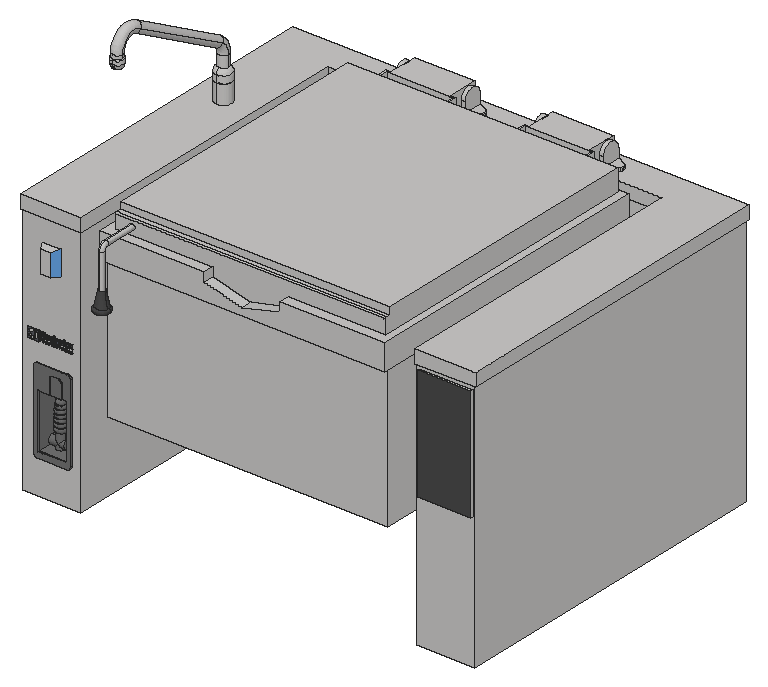
Revit family "QF_ELECTROLUXPROFESSIONAL_586930_PFET09ECES", category Specialty Equipment, Revit 2018
Family settings
  Round Connector Dimension = Use Radius
  Part Type = Normal
  Work Plane-Based = No
  Always vertical = Yes
  Cut with Voids When Loaded = No
  Shared = Yes
  Room Calculation Point = No
Parameters (values of type "Standard")
  Weight = 240.00 kg
  Watts = 0 W
  Volts = 400 V
  URL Manufacturer = "http://professional.electrolux.com"
  URL = "http://professional.electrolux.com"
  Steam Supply Size = 0"
  Steam Supply Minimum Pressure = 0.00 psi
  Steam Supply Maximum Pressure = 0.00 psi
  Steam Pounds per Hour = 0
  Show Logo [instance] = yes
  Refrigeration Suction Line Size = 0"
  Refrigeration Liquid Line Size = 0"
  Refrigerant Compressor Remote = yes
  Plinth Base Finish [instance] = QF_Finishes_Concrete
  Plinth Base [instance] = not(Base Height = 500.00 mm)  # yes
  Phase = 3
  Model = "PFET09ECES"
  Manufacturer = "Electrolux Professional"
  Length Actual = 1200.00 mm  # constant formula
  Item Number = "586930"
  Hot Water Size = 1/2"
  Height Actual = 700.00 mm  # constant formula
  HP = "20.8 HP"
  Gas Size = 0"
  Gas KW = 0
  Gas Input Pressure = 0.0 Btu/h
  Direct Waste Size = 0"
  Description = "EL. TILTING BRAISING PAN,AUTO H/C WATER FILL INLET,SPRAY GUN, 90L,H700,COMPOUND,FS,D900,REAR CLS KIT,GUID.COOK.S"
  Depth Actual = 900.00 mm  # constant formula
  Cycle = 50 Hz
  Condensate Return Size = 0"
  Compressed Air Volume = 0 GPM
  Compressed Air Size = 0"
  Compressed Air Pressure = 0.00 psi
  Cold Water Size = 1/2"
  Bracket [instance] = Base Height = 500.00 mm  # no
  Body Finish [instance] = QF_Finishes_Stainless Steel
  Base Height = 200.00 mm
  Show Clearance [instance] = yes
  Assembly Code = ""
  Accessory = yes
Reference planes
  plane 1 "BACK": y = 0
  plane 2: z = 0
  plane 3 "LEFT": x = 0
  plane 4 "RIGHT": x = 1200
  plane 5 "FRONT": y = -900
  plane 6 "TOP": z = 900
  plane 7: z = 200
  plane 8 "Center": x = 600
  plane 9: y = -450
  plane 10: y = -920
  plane 11: z = 913.881
  plane 12: z = 1845
  plane 13: y = -971
Forms (mm)
  Extrusion 1, solid, material "QF_Finishes_Stainless Steel" <- "Body Finish"
    sketch origin (0, 0, 900) x (-1, 0, 0) y (0, -1, 0)
      loop
        line (0, 0) -> (0, 900) -> (-160, 900) -> (-160, 86) -> (-1040, 86) -> (-1040, 900) -> (-1200, 900) -> (-1200, 0) -> (0, 0)
    from 0 to -35
  Extrusion 2, solid, material "QF_Finishes_Stainless Steel" <- "Body Finish"
    sketch origin (0, 0, 0) x (1, 0, 0) y (0, 0, 1)
      loop
        line (157, 865) -> (157, 500) -> (1043, 500) -> (1043, 865) -> (157, 865)
    from 3 to 83
  Extrusion 3, solid, material "QF_Finishes_Stainless Steel" <- "Body Finish"
    sketch origin (0, 0, 0) x (1, 0, 0) y (0, 0, 1)
      loop
        line (230, 454.5) -> (970, 454.5) -> (970, 833) -> (230, 833) -> (230, 454.5)
    from 120.7 to 900
  Extrusion 4, solid, material "QF_Finishes_Stainless Steel" <- "Body Finish"
    sketch origin (-975.299, -4572, 900) x (-1, 0, 0) y (0, -1, 0)
      loop
        line (-1300.839, -4446.3) -> (-1304.839, -4446.3) -> (-1304.839, -4467) -> (-1480.839, -4467) -> (-1480.839, -4446.3) -> (-1484.839, -4446.3) -> (-1484.839, -4471) -> (-1472.239, -4471) -> (-1472.239, -4549.945) -> (-1313.239, -4549.945) -> (-1313.239, -4471) -> (-1300.839, -4471) -> (-1300.839, -4446.3)
      loop
        line (-1849.759, -4446.3) -> (-1849.759, -4471) -> (-1837.359, -4471) -> (-1837.359, -4549.945) -> (-1678.359, -4549.945) -> (-1678.359, -4471) -> (-1665.759, -4471) -> (-1665.759, -4446.3) -> (-1669.759, -4446.3) -> (-1669.759, -4467) -> (-1845.759, -4467) -> (-1845.759, -4446.3) -> (-1849.759, -4446.3)
    from 11 to 56
  Sweep 5, solid, material "QF_Finishes_Stainless Steel" <- "Body Finish"
    path origin (287.976, 0, 0) x (0, 1, 0) y (0, 0, 1)
      loop
        line (-890.7, 920) -> (-978.7, 920)
        arc (-978.7, 920) -> (-987.27, 916.45) -> (-990.819, 907.881) r 12.119
        line (-990.819, 907.881) -> (-990.819, 813.956)
    profile origin (287.976, -934.7, 920) x (0, 0, -1) y (1, 0, 0)
      loop
        circle (0, 0) r 6.119
  Revolve 6, solid, material "QF_Finishes_Black"
    sketch origin (0, -990.819, 0) x (1, 0, 0) y (0, 0, 1)
      loop
        line (287.976, 764.909) -> (304.041, 764.909)
        arc (304.041, 764.909) -> (309.041, 769.909) -> (304.041, 774.909) r 5
        line (304.041, 774.909) -> (296.452, 813.956) -> (287.976, 813.956) -> (287.976, 764.909)
      axis (287.976, 813.956) -> (287.976, 764.909)
    angle from 0 to 360
  Extrusion 7, void
    sketch origin (0, -820, 0) x (1, 0, 0) y (0, 0, 1)
      loop
        line (500.793, 900) -> (500.793, 876.744) -> (600.793, 851.202) -> (700.793, 876.744) -> (700.793, 900) -> (500.793, 900)
    from 70.7 to 100
  Extrusion 8, solid, material "QF_Finishes_Stainless Steel" <- "Body Finish"
    sketch origin (337.94, -101, 900) x (0, 1, 0) y (0, 0, -1)
      loop
        line (31, 0) -> (31, -32)
        arc (31, -32) -> (54.973, -55.973) -> (78.945, -32) r 23.973
        line (78.945, -32) -> (78.945, 0) -> (31, 0)
    from 0 to 12.9
  Extrusion 9, solid, material "QF_Finishes_Stainless Steel" <- "Body Finish"
    sketch origin (509.84, -101, 900) x (0, 1, 0) y (0, 0, -1)
      loop
        line (31, 0) -> (31, -32)
        arc (31, -32) -> (54.973, -55.973) -> (78.945, -32) r 23.973
        line (78.945, -32) -> (78.945, 0) -> (31, 0)
    from 0 to 12.9
  Extrusion 10, solid, material "QF_Finishes_Stainless Steel" <- "Body Finish"
    sketch origin (862.06, -101, 900) x (0, 1, 0) y (0, 0, 1)
      loop
        line (31, 0) -> (78.945, 0) -> (78.945, 32)
        arc (78.945, 32) -> (54.973, 55.973) -> (31, 32) r 23.973
        line (31, 32) -> (31, 0)
    from 0 to 12.9
  Extrusion 11, solid, material "QF_Finishes_Stainless Steel" <- "Body Finish"
    sketch origin (690.16, -101, 900) x (0, 1, 0) y (0, 0, 1)
      loop
        line (31, 0) -> (78.945, 0) -> (78.945, 32)
        arc (78.945, 32) -> (54.973, 55.973) -> (31, 32) r 23.973
        line (31, 32) -> (31, 0)
    from 0 to 12.9
  Extrusion 12, solid, material "QF_Finishes_Stainless Steel" <- "Body Finish"
    sketch origin (1043, -897, 0) x (1, 0, 0) y (0, 0, 1)
      loop
        line (7, 553.501) -> (147, 553.501) -> (147, 855) -> (7, 855) -> (7, 553.501)
    from 0 to 5
  Blend 13, solid, material "QF_Finishes_Stainless Steel" <- "Body Finish"
    base sketch origin (157, -897, 0) x (-1, 0, 0) y (0, 0, -1)
      loop
        line (100.5, -805.4) -> (100.5, -738.6) -> (53.5, -738.6) -> (53.5, -805.4) -> (100.5, -805.4)
    top sketch origin (157, -897, 0) x (-1, 0, 0) y (0, 0, -1)
      loop
        line (90.448, -802.617) -> (90.448, -741.383) -> (63.552, -741.383) -> (63.552, -802.617) -> (90.448, -802.617)
    from 0 to 20.065
  Extrusion 14, solid, material "QF_Finishes_Stainless Steel" <- "Body Finish"
    sketch origin (0, 0, 900) x (-1, 0, 0) y (0, -1, 0)
      loop
        line (-298.768, 36.346) -> (-295.234, 39.408) -> (-293.291, 43.662) -> (-293.291, 47.996) -> (-295.234, 52.592) -> (-298.768, 55.654) -> (-325.04, 70) -> (-325.04, 22) -> (-298.768, 36.346)
      loop
        line (-536.112, 36.346) -> (-509.84, 22) -> (-509.84, 70) -> (-536.112, 55.654) -> (-539.646, 52.592) -> (-541.589, 47.996) -> (-541.589, 43.662) -> (-539.646, 39.408) -> (-536.112, 36.346)
      loop
        line (-663.888, 36.346) -> (-660.354, 39.408) -> (-658.411, 43.662) -> (-658.411, 47.996) -> (-660.354, 52.592) -> (-663.888, 55.654) -> (-690.16, 70) -> (-690.16, 22) -> (-663.888, 36.346)
      loop
        line (-901.232, 36.346) -> (-874.96, 22) -> (-874.96, 70) -> (-901.232, 55.654) -> (-904.766, 52.592) -> (-906.709, 47.996) -> (-906.709, 43.662) -> (-904.766, 39.408) -> (-901.232, 36.346)
    from 0 to 8
  Extrusion 15, solid, material "QF_Finishes_Stainless Steel" <- "Body Finish"
    sketch origin (0, 0, 0) x (0, 1, 0) y (0, 0, 1)
      loop
        line (-875.7, 957.5) -> (-875.7, 939.75) -> (-887.664, 939.75)
        arc (-887.664, 939.75) -> (-889.835, 938.566) -> (-890.7, 936.25) r 3.536
        line (-890.7, 936.25) -> (-890.7, 900) -> (-125.7, 900) -> (-125.7, 957.5) -> (-875.7, 957.5)
    from 245.454 to 955.493
  Revolve 16, solid, material "QF_Finishes_Stainless Steel" <- "Body Finish"
    sketch origin (-975.299, -4572, 730) x (-1, 0, 0) y (0, -1, 0)
      loop
        line (-1205.299, -4000) -> (-1138.736, -4000) -> (-1138.736, -4030) -> (-1132.299, -4030) -> (-1132.299, -3943) -> (-1205.299, -3943) -> (-1205.299, -4000)
      loop
        line (-1945.299, -4000) -> (-1945.299, -3943) -> (-2018.299, -3943) -> (-2018.299, -4030) -> (-2011.861, -4030) -> (-2011.861, -4000) -> (-1945.299, -4000)
      axis (-1132.299, -3943) -> (-2018.299, -3943)
    angle from 0 to 360
  Extrusion 17, solid, material "QF_Finishes_Stainless Steel" <- "Body Finish", visible <- "Bracket"
    sketch origin (0, 0, -400) x (0, 1, 0) y (0, 0, 1)
      loop
        line (0, 900) -> (-200, 900) -> (-200, 850) -> (-136.36, 786.36) -> (0, 786.36) -> (0, 900)
    from 25.741 to 134.773
  Extrusion 18, solid, material "QF_Finishes_Stainless Steel" <- "Body Finish", visible <- "Bracket"
    sketch origin (1040, 0, -400) x (0, 1, 0) y (0, 0, 1)
      loop
        line (0, 900) -> (-200, 900) -> (-200, 850) -> (-136.36, 786.36) -> (0, 786.36) -> (0, 900)
    from 25.741 to 134.773
  Extrusion 19, solid, material "QF_Finishes_Stainless Steel" <- "Body Finish"
    sketch origin (-975.299, -4572, 900) x (-1, 0, 0) y (0, -1, 0)
      loop
        line (-1199.802, -4456.3) -> (-1199.802, -3652) -> (-1953.192, -3652) -> (-1953.192, -4456.3) -> (-1199.802, -4456.3)
    from -67 to 0
  Extrusion 20, solid, material "QF_Finishes_Clearance", visible <- "Show Clearance", detail levels coarse
    sketch origin (337.94, -101, 900) x (0, 1, 0) y (0, 0, -1)
      loop
        line (-159.261, -945) -> (78.945, -56) -> (-791.055, -56)
        arc (-791.055, -56) -> (-654.561, -627.998) -> (-159.261, -945) r 785.603
    from -617.553 to 92.486
  Extrusion 21, solid, material "QF_Finishes_Clearance", visible <- "Show Clearance", detail levels coarse
    sketch origin (600, 0, 0) x (0, 1, 0) y (0, 0, 1)
      loop
        line (-900, 450.365) -> (-900, 833) -> (-920, 833) -> (-920, 900)
        arc (-920, 900) -> (-971.101, 672.465) -> (-900, 450.365) r 444.593
    from -375.497 to 377.893
  Extrusion 22, solid, material "QF_Finishes_Stainless Steel"
    sketch origin (0, 0, 386.36) x (0, 0, 1) y (1, 0, 0)
      loop
        circle (8.64, 106.204) r 6.35
      loop
        circle (8.64, 46.204) r 6.35
    from 0 to 5
  Extrusion 23, solid, material "QF_Finishes_Stainless Steel"
    sketch origin (1040, 0, 386.36) x (0, 0, 1) y (1, 0, 0)
      loop
        circle (8.64, 81.204) r 6.35
    from 0 to 5
  Extrusion 24, solid, material "QF_Finishes_Stainless Steel" <- "Body Finish"
    sketch origin (0, -100, 0) x (1, 0, 0) y (0, 1, 0)
      loop
        line (157, 97) -> (3, 97) -> (3, -797) -> (157, -797) -> (157, 97)
      loop
        line (1197, 97) -> (1043, 97) -> (1043, -797) -> (1197, -797) -> (1197, 97)
    from 200 to 865
  Extrusion 25, solid, material "Navy Blue", visible <- "Show Logo"
    sketch origin (160, -897, 0) x (-1, 0, 0) y (0, 0, -1)
      loop
        line (101.332, -593.18) -> (109.793, -593.18) -> (109.793, -583.327)
        arc (109.793, -583.327) -> (108.679, -580.639) -> (105.991, -579.525) r 3.802
        line (105.991, -579.525) -> (101.168, -579.525) -> (101.168, -581.736) -> (105.441, -581.736)
        arc (105.441, -581.736) -> (106.845, -582.21) -> (107.442, -583.566) r 1.838
        line (107.442, -583.566) -> (107.442, -585.52) -> (101.698, -585.52) -> (101.698, -587.738) -> (107.442, -587.738) -> (107.442, -590.968) -> (101.332, -590.968) -> (101.332, -593.18)
      loop
        line (99.498, -593.18) -> (99.498, -579.525) -> (97.146, -579.525) -> (97.146, -593.18) -> (99.498, -593.18)
      loop
        line (48.417, -593.18) -> (48.417, -579.525) -> (46.064, -579.525) -> (46.064, -593.18) -> (48.417, -593.18)
      loop
        line (93.257, -583.886) -> (85.539, -583.886)
        arc (85.539, -583.886) -> (86.746, -588.126) -> (90.874, -589.672) r 4.89
        arc (90.874, -589.672) -> (94.51, -587.828) -> (95.548, -583.886) r 4.976
        arc (95.548, -583.886) -> (94.182, -580.589) -> (90.886, -579.224) r 4.662
        arc (90.886, -579.224) -> (88.32, -579.602) -> (86.169, -581.05) r 5.86
        line (86.169, -581.05) -> (87.562, -582.444)
        arc (87.562, -582.444) -> (89.391, -581.347) -> (91.516, -581.531) r 3.458
        arc (91.516, -581.531) -> (92.812, -582.394) -> (93.257, -583.886) r 2.29
      loop
        line (93.198, -585.539) -> (87.902, -585.539)
        arc (87.902, -585.539) -> (88.645, -587.103) -> (90.278, -587.679) r 2.256
        arc (90.278, -587.679) -> (92.162, -587.188) -> (93.198, -585.539) r 2.64
      loop
        line (76.371, -586.524) -> (74.894, -588)
        arc (74.894, -588) -> (76.746, -589.341) -> (78.997, -589.742) r 5.117
        arc (78.997, -589.742) -> (82.429, -588.487) -> (84.231, -585.308) r 5.293
        arc (84.231, -585.308) -> (81.194, -579.733) -> (74.977, -581.018) r 5.33
        line (74.977, -581.018) -> (76.446, -582.487)
        arc (76.446, -582.487) -> (79.616, -581.438) -> (81.887, -583.886) r 3.088
        arc (81.887, -583.886) -> (81.729, -585.821) -> (80.396, -587.234) r 2.933
        arc (80.396, -587.234) -> (78.264, -587.559) -> (76.371, -586.524) r 3.369
      loop
        line (73.45, -593.18) -> (73.45, -583.849)
        arc (73.45, -583.849) -> (73.246, -582.449) -> (72.722, -581.135) r 6.031
        arc (72.722, -581.135) -> (71.044, -579.8) -> (68.918, -579.519) r 4.018
        line (68.918, -579.519) -> (68.918, -581.723)
        arc (68.918, -581.723) -> (69.55, -581.771) -> (70.139, -582.005) r 2.118
        arc (70.139, -582.005) -> (70.895, -582.804) -> (71.098, -583.886) r 1.949
        line (71.098, -583.886) -> (71.098, -587.265) -> (68.962, -587.265) -> (68.962, -589.401) -> (71.098, -589.401) -> (71.098, -593.18) -> (73.45, -593.18)
      loop
        arc (64.65, -584.717) -> (64.482, -585.701) -> (63.997, -586.574) r 2.967
        arc (63.997, -586.574) -> (62.588, -587.297) -> (61.004, -587.265) r 3.231
        line (61.004, -587.265) -> (61.004, -589.525)
        arc (61.004, -589.525) -> (63.073, -589.33) -> (64.65, -587.977) r 3.432
        line (64.65, -587.977) -> (64.65, -589.401) -> (66.983, -589.401) -> (66.983, -579.525) -> (64.65, -579.525) -> (64.65, -584.717)
      loop
        circle (55.254, -584.461) r 5.233
      loop
        circle (55.254, -584.461) r 3.172
      loop
        arc (37.582, -583.638) -> (38.162, -582.041) -> (39.738, -581.405) r 2.088
        arc (39.738, -581.405) -> (41.313, -582.041) -> (41.894, -583.638) r 2.088
        line (41.894, -583.638) -> (41.894, -589.401) -> (44.266, -589.401) -> (44.266, -583.442)
        arc (44.266, -583.442) -> (42.916, -580.365) -> (39.738, -579.275) r 4.181
        arc (39.738, -579.275) -> (36.524, -580.398) -> (35.211, -583.539) r 4.181
        line (35.211, -583.539) -> (35.211, -589.401) -> (37.582, -589.401) -> (37.582, -583.638)
      loop
        line (33.789, -589.401) -> (30.374, -584.764) -> (34.126, -579.522) -> (31.598, -579.522) -> (29.107, -583.001) -> (26.58, -579.522) -> (24.068, -579.522) -> (27.767, -584.817) -> (24.385, -589.401) -> (26.952, -589.401) -> (29.115, -586.469) -> (31.245, -589.401) -> (33.789, -589.401)
      loop
        line (108.47, -573.865) -> (110.346, -573.865) -> (110.346, -569.143) -> (109.319, -569.143) -> (109.319, -570.769) -> (108.185, -570.769)
        arc (108.185, -570.769) -> (106.916, -572.447) -> (108.47, -573.865) r 1.561
      loop
        arc (108.23, -571.697) -> (107.841, -572.304) -> (108.23, -572.911) r 0.668
        line (108.23, -572.911) -> (109.319, -572.911) -> (109.319, -571.697) -> (108.23, -571.697)
      loop
        line (101.061, -573.865) -> (102.968, -573.865) -> (102.968, -569.143) -> (101.942, -569.143) -> (101.942, -570.769) -> (100.949, -570.769) -> (100.27, -569.143) -> (99.168, -569.143) -> (100.097, -571.134)
        arc (100.097, -571.134) -> (99.652, -571.665) -> (99.502, -572.343) r 1.458
        arc (99.502, -572.343) -> (99.971, -573.421) -> (101.061, -573.865) r 1.559
      loop
        line (101.942, -572.911) -> (101.942, -571.697) -> (100.852, -571.697)
        arc (100.852, -571.697) -> (100.464, -572.304) -> (100.852, -572.911) r 0.668
        line (100.852, -572.911) -> (101.942, -572.911)
      loop
        circle (93.139, -571.504) r 2.453
      loop
        circle (93.139, -571.504) r 1.557
      loop
        line (86.655, -573.865) -> (86.655, -569.143) -> (85.654, -569.143) -> (85.654, -570.793) -> (83.876, -570.793) -> (83.876, -571.851) -> (85.654, -571.851) -> (85.654, -572.847) -> (83.706, -572.847) -> (83.706, -573.865) -> (86.655, -573.865)
      loop
        line (79.724, -573.865) -> (79.724, -570.677)
        arc (79.724, -570.677) -> (79.288, -569.596) -> (78.213, -569.146) r 1.51
        line (78.213, -569.146) -> (76.689, -569.146) -> (76.689, -570.038) -> (78.122, -570.038)
        arc (78.122, -570.038) -> (78.65, -570.475) -> (78.753, -571.151) r 0.961
        line (78.753, -571.151) -> (76.866, -571.151) -> (76.866, -572.043) -> (78.753, -572.043) -> (78.753, -572.973) -> (76.735, -572.973) -> (76.735, -573.865) -> (79.724, -573.865)
      loop
        arc (62.624, -573.267) -> (63.249, -573.78) -> (64.041, -573.943) r 1.69
        arc (64.041, -573.943) -> (64.773, -573.764) -> (65.374, -573.31) r 1.872
        arc (65.374, -573.31) -> (65.486, -572.238) -> (64.794, -571.411) r 1.385
        arc (64.794, -571.411) -> (64.212, -571.217) -> (63.66, -570.95) r 4.78
        arc (63.66, -570.95) -> (63.312, -570.539) -> (63.552, -570.057) r 0.489
        arc (63.552, -570.057) -> (63.998, -569.952) -> (64.442, -570.065) r 0.963
        arc (64.442, -570.065) -> (64.826, -570.341) -> (65.061, -570.752) r 1.118
        line (65.061, -570.752) -> (65.887, -570.367)
        arc (65.887, -570.367) -> (65.589, -569.793) -> (65.11, -569.36) r 1.815
        arc (65.11, -569.36) -> (64.566, -569.127) -> (63.978, -569.068) r 1.957
        arc (63.978, -569.068) -> (63.25, -569.213) -> (62.595, -569.561) r 2.556
        arc (62.595, -569.561) -> (62.305, -570.331) -> (62.455, -571.139) r 1.535
        arc (62.455, -571.139) -> (62.778, -571.512) -> (63.19, -571.781) r 1.779
        arc (63.19, -571.781) -> (63.712, -572.014) -> (64.248, -572.215) r 9.371
        arc (64.248, -572.215) -> (64.557, -572.696) -> (64.11, -573.053) r 0.427
        arc (64.11, -573.053) -> (63.575, -572.924) -> (63.163, -572.558) r 1.135
        line (63.163, -572.558) -> (62.624, -573.267)
      loop
        line (58.291, -573.865) -> (58.291, -569.146) -> (57.321, -569.146) -> (57.321, -573.865) -> (58.291, -573.865)
      loop
        circle (50.779, -571.506) r 1.468
      loop
        circle (50.779, -571.506) r 2.451
      loop
        line (44.27, -569.146) -> (43.289, -569.146) -> (43.289, -572.113) -> (41.131, -569.146) -> (40.187, -569.146) -> (40.187, -573.865) -> (41.168, -573.865) -> (41.168, -570.808) -> (43.326, -573.865) -> (44.27, -573.865) -> (44.27, -569.146)
      loop
        line (35.295, -569.146) -> (34.836, -570.164) -> (33.09, -570.164) -> (32.631, -569.146) -> (31.588, -569.146) -> (33.581, -573.865) -> (34.491, -573.865) -> (36.337, -569.146) -> (35.295, -569.146)
      loop
        line (33.526, -571.132) -> (33.993, -572.169) -> (34.447, -571.132) -> (33.526, -571.132)
      loop
        line (26.769, -570.038) -> (26.769, -573.865) -> (27.739, -573.865) -> (27.739, -569.146) -> (24.954, -569.146) -> (24.954, -570.038) -> (26.769, -570.038)
      loop
        arc (69.698, -573.267) -> (70.324, -573.78) -> (71.116, -573.943) r 1.69
        arc (71.116, -573.943) -> (71.847, -573.764) -> (72.449, -573.31) r 1.872
        arc (72.449, -573.31) -> (72.56, -572.238) -> (71.868, -571.411) r 1.385
        arc (71.868, -571.411) -> (71.287, -571.217) -> (70.735, -570.95) r 4.78
        arc (70.735, -570.95) -> (70.386, -570.539) -> (70.627, -570.057) r 0.489
        arc (70.627, -570.057) -> (71.073, -569.952) -> (71.517, -570.065) r 0.963
        arc (71.517, -570.065) -> (71.901, -570.341) -> (72.136, -570.752) r 1.118
        line (72.136, -570.752) -> (72.961, -570.367)
        arc (72.961, -570.367) -> (72.664, -569.793) -> (72.184, -569.36) r 1.815
        arc (72.184, -569.36) -> (71.64, -569.127) -> (71.052, -569.068) r 1.957
        arc (71.052, -569.068) -> (70.325, -569.213) -> (69.669, -569.561) r 2.556
        arc (69.669, -569.561) -> (69.38, -570.331) -> (69.529, -571.139) r 1.535
        arc (69.529, -571.139) -> (69.852, -571.512) -> (70.265, -571.781) r 1.779
        arc (70.265, -571.781) -> (70.787, -572.014) -> (71.322, -572.215) r 9.371
        arc (71.322, -572.215) -> (71.632, -572.696) -> (71.185, -573.053) r 0.427
        arc (71.185, -573.053) -> (70.649, -572.924) -> (70.238, -572.558) r 1.135
        line (70.238, -572.558) -> (69.698, -573.267)
      loop
        line (124.467, -593.367) -> (124.467, -568.534)
        arc (124.467, -568.534) -> (115.287, -580.95) -> (124.467, -593.367) r 12.987
      loop
        arc (125.423, -593.446) -> (135.891, -591.227) -> (141.022, -581.837) r 12.809
        line (141.022, -581.837) -> (135.422, -581.837)
        arc (135.422, -581.837) -> (128.84, -585.012) -> (125.423, -591.472) r 11.707
        line (125.423, -591.472) -> (125.423, -593.446)
      loop
        arc (125.73, -570.332) -> (129.585, -577.251) -> (136.925, -580.23) r 11.93
        line (136.925, -580.23) -> (141.033, -580.23)
        arc (141.033, -580.23) -> (136.066, -570.804) -> (125.73, -568.215) r 13.06
        line (125.73, -568.215) -> (125.73, -570.332)
      loop
        line (141.976, -594.722) -> (141.976, -567.122) -> (114.339, -567.122) -> (114.339, -594.722) -> (141.976, -594.722)
    from 0 to 0.697
  Extrusion 26, void
    sketch origin (0, -900, 0) x (1, 0, 0) y (0, 0, 1)
      loop
        line (125.4, 500.944) -> (43.4, 500.944) -> (43.4, 305.944) -> (125.4, 305.944) -> (125.4, 500.944)
    from 0 to -63
Cuts and joins
  Extrusion 7 cuts Extrusion 19
  joined: Extrusion 3, Extrusion 15, Extrusion 19
  Extrusion 26 cuts Extrusion 24
Lines and regions (mm)
  Split face 1
    outline origin (1043, -902, 0) x (1, 0, 0) y (0, 0, 1)
      loop
        line (7.625, 638.501) -> (7.625, 554.126) -> (146.375, 554.126) -> (146.375, 638.501) -> (7.625, 638.501)
  Split face 2
    outline origin (1043, -902, 0) x (1, 0, 0) y (0, 0, 1)
      loop
        line (21.373, 638.501) -> (132.623, 638.501) -> (132.623, 843.501) -> (21.373, 843.501) -> (21.373, 638.501)
  symbolic lines
    curve 1: line (1200, 0, 900) -> (0, 0, 900)
    curve 2: line (1200, -900, 900) -> (1200, 0, 900)
    curve 3: line (1040, -900, 900) -> (1200, -900, 900)
    curve 4: line (1040, -86, 900) -> (1040, -900, 900)
    curve 5: line (0, 0, 900) -> (0, -900, 900)
    curve 6: line (160, -900, 900) -> (160, -86, 900)
    curve 7: line (0, -900, 900) -> (160, -900, 900)
    curve 8: line (160, -86, 900) -> (337.94, -86, 900)
    curve 9: line (496.94, -86, 900) -> (703.06, -86, 900)
    curve 10: line (862.06, -86, 900) -> (1040, -86, 900)
    curve 11: line (224.503, -115.7, 900) -> (325.54, -115.7, 900)
    curve 12: line (329.54, -115.7, 900) -> (505.54, -115.7, 900)
    curve 13: line (509.54, -115.7, 900) -> (690.46, -115.7, 900)
    curve 14: line (694.46, -115.7, 900) -> (870.46, -115.7, 900)
    curve 15: line (977.893, -115.7, 900) -> (874.46, -115.7, 900)
    curve 16: line (977.893, -115.7, 900) -> (977.893, -920, 900)
    curve 17: line (224.503, -115.7, 900) -> (224.503, -920, 900)
    curve 18: line (1040, -572, 900) -> (977.893, -572, 900)
    curve 19: line (1040, -686, 900) -> (977.893, -686, 900)
    curve 20: line (160, -572, 900) -> (224.503, -572, 900)
    curve 21: line (160, -686, 900) -> (224.503, -686, 900)
  symbolic lines, style "QF-Clearances", visible <- "Show Clearance", detail levels coarse
    curve 22: line (350, -550, 900) -> (850, -550, 900)
    curve 23: line (350, -1750, 900) -> (350, -550, 900)
    curve 24: line (850, -1750, 900) -> (350, -1750, 900)
    curve 25: line (850, -550, 900) -> (850, -1750, 900)
    curve 26: line (350, -1150, 900) -> (550, -1750, 900)
    curve 27: line (850, -1150, 900) -> (650, -1750, 900)
    curve 28: circle (600, -1700, 900) r 25 normal (0, 0, 1)
Dimensions and locks
  plane 3 "LEFT" to plane 4 "RIGHT" = 1200.00 mm
  plane 4 "RIGHT" to plane 3 "LEFT" = 1200.00 mm
  plane 1 "BACK" to plane 5 "FRONT" = 900.00 mm
  plane 5 "FRONT" to plane 1 "BACK" = 900.00 mm
  plane 6 "TOP" to level = 900.00 mm
  "Base Height": plane 7 to level
  equal spacing: plane 5 "FRONT", plane 9, plane 1 "BACK"
  equal spacing: plane 3 "LEFT", plane 8 "Center", plane 4 "RIGHT"
  plane 10 to plane 1 "BACK" = 920.00 mm
  plane 6 "TOP" to Extrusion 3 sketch curve to Extrusion 3 sketch curve = 67.00 mm locked, 378.50 mm locked
  plane 6 "TOP" to Extrusion 12 sketch curve to Extrusion 12 sketch curve = 45.00 mm locked, 301.499 mm locked
  plane 6 "TOP" to Extrusion 17 sketch curve to Extrusion 17 sketch curve to Extrusion 17 sketch curve = 400.00 mm locked, 50.00 mm locked, 63.64 mm locked
  plane 6 "TOP" to Extrusion 18 sketch curve to Extrusion 18 sketch curve to Extrusion 18 sketch curve = 400.00 mm locked, 50.00 mm locked, 63.64 mm locked
  locked: cut or joined group of Extrusion 3, Extrusion 7, Extrusion 15, Extrusion 19 to plane 4 "RIGHT" at 244.507
  Extrusion 14 sketch curve to Extrusion 14 sketch curve to Extrusion 8 to Extrusion 4 to Extrusion 14 sketch curve to Extrusion 14 sketch curve = 31.749 mm locked, 12.90 mm locked, 159.00 mm locked, 12.90 mm locked, 31.749 mm locked
  plane 4 "RIGHT" to Extrusion 10 to Extrusion 10 to Extrusion 11 to Extrusion 11 = 325.04 mm locked, 12.90 mm locked, 159.00 mm locked, 12.90 mm locked
  Extrusion 9 to Extrusion 9 to Extrusion 8 to Extrusion 8 to plane 3 "LEFT" = 12.90 mm locked, 159.00 mm locked, 12.90 mm locked, 325.04 mm locked
  Extrusion 14 sketch curve to Extrusion 14 sketch curve to Extrusion 14 sketch curve to Extrusion 14 sketch curve to plane 4 "RIGHT" = 31.749 mm locked, 184.80 mm locked, 31.749 mm locked, 293.291 mm locked
  Extrusion 4 sketch curve to Extrusion 4 sketch curve to Extrusion 4 sketch curve to Extrusion 4 sketch curve to Extrusion 4 sketch curve to Extrusion 4 sketch curve to plane 4 "RIGHT" = 4.00 mm locked, 8.60 mm locked, 159.00 mm locked, 8.40 mm locked, 4.00 mm locked, 325.54 mm locked
  Extrusion 18 to Extrusion 18 to plane 4 "RIGHT" = 109.032 mm locked, 25.227 mm locked
  Extrusion 7 sketch curve to plane 8 "Center" to Extrusion 7 sketch curve = 100.793 mm locked, 99.207 mm locked
  Extrusion 15 sketch curve to Extrusion 15 sketch curve to Extrusion 15 sketch curve to plane 5 "FRONT" = 11.964 mm locked, 3.036 mm locked, 9.30 mm locked
  locked: Extrusion 19 sketch curve to plane 5 "FRONT" at 20
  cut or joined group of Extrusion 3, Extrusion 7, Extrusion 15, Extrusion 19 to cut or joined group of Extrusion 3, Extrusion 7, Extrusion 15, Extrusion 19 to cut or joined group of Extrusion 3, Extrusion 7, Extrusion 15, Extrusion 19 = 0.00 mm locked, 29.30 mm locked
  Sweep 5 sketch curve to plane 5 "FRONT" to Sweep 5 sketch curve to Sweep 5 sketch curve = 9.30 mm locked, 78.70 mm locked, 12.119 mm locked
  locked: plane 5 "FRONT" to Revolve 6 at 90.819
  plane 6 "TOP" to Extrusion 2 sketch curve to Extrusion 2 sketch curve = 35.00 mm locked, 365.00 mm locked
  plane 12 to plane 6 "TOP" = 945.00 mm
  plane 1 "BACK" to plane 13 = 971.00 mm
  locked: Extrusion 21 to plane 4 "RIGHT" at 222.107
  Extrusion 21 sketch curve to Extrusion 21 sketch curve to Extrusion 21 sketch curve to cut or joined group of Extrusion 3, Extrusion 7, Extrusion 15, Extrusion 19 = 51.54 mm locked, 20.00 mm locked, 9.30 mm locked
  Extrusion 21 sketch curve to Extrusion 21 sketch curve to Extrusion 21 sketch curve = 67.00 mm locked, 382.635 mm locked
  aligned and locked: level to plane 2
  aligned: plane 6 "TOP" to Extrusion 1
  aligned and locked: plane 6 "TOP" to Extrusion 1
  aligned and locked: Revolve 16 to cut or joined group of Extrusion 3, Extrusion 7, Extrusion 15, Extrusion 19
  aligned and locked: cut or joined group of Extrusion 3, Extrusion 7, Extrusion 15, Extrusion 19 to Revolve 16
  aligned and locked: plane 5 "FRONT" to cut or joined group of Extrusion 3, Extrusion 7, Extrusion 15, Extrusion 19
  aligned: cut or joined group of Extrusion 3, Extrusion 7, Extrusion 15, Extrusion 19 to Sweep 5 sketch curve
  aligned: cut or joined group of Extrusion 3, Extrusion 7, Extrusion 15, Extrusion 19 to plane 10
  aligned: Sweep 5 to cut or joined group of Extrusion 3, Extrusion 7, Extrusion 15, Extrusion 19
  aligned and locked: Extrusion 19 to Extrusion 7
  aligned: Extrusion 2 to cut or joined group of Extrusion 3, Extrusion 7, Extrusion 15, Extrusion 19
  aligned and locked: Extrusion 20 to cut or joined group of Extrusion 3, Extrusion 7, Extrusion 15, Extrusion 19  (x2)
  aligned and locked: cut or joined group of Extrusion 3, Extrusion 7, Extrusion 15, Extrusion 19 to Extrusion 21
  aligned and locked: Extrusion 4 to curve 9
  aligned and locked: curve 8 to Extrusion 1
  aligned and locked: Extrusion 4 to curve 13
  aligned and locked: Extrusion 4 to curve 12  (x2)
  aligned and locked: Extrusion 4 to curve 11
  aligned and locked: curve 17 to cut or joined group of Extrusion 3, Extrusion 7, Extrusion 15, Extrusion 19
  aligned and locked: curve 6 to Extrusion 1
Automatic sketch dimensions
  plane 1 "BACK" to Extrusion 1 sketch curve = 0.00 mm
  Extrusion 1 sketch curve to plane 4 "RIGHT" = 0.00 mm
  plane 5 "FRONT" to Extrusion 1 sketch curve = 0.00 mm  (x2)
  Extrusion 1 sketch curve to plane 3 "LEFT" = 0.00 mm
  Extrusion 1 sketch curve to plane 4 "RIGHT" = 160.00 mm
  plane 3 "LEFT" to Extrusion 1 sketch curve = 160.00 mm
  plane 1 "BACK" to Extrusion 1 sketch curve = 86.00 mm
  plane 3 "LEFT" to Extrusion 2 sketch curve = 157.00 mm
  Extrusion 2 sketch curve to plane 4 "RIGHT" = 157.00 mm
  plane 3 "LEFT" to Extrusion 3 sketch curve = 230.00 mm
  Extrusion 3 sketch curve to plane 4 "RIGHT" = 230.00 mm
  Extrusion 4 sketch curve to plane 8 "Center" = 90.46 mm
  Extrusion 4 sketch curve to Extrusion 4 sketch curve = 4.00 mm  (x4)
  Extrusion 4 sketch curve to Extrusion 4 sketch curve = 8.60 mm
  plane 1 "BACK" to Extrusion 4 sketch curve = 22.055 mm  (x2)
  Extrusion 4 sketch curve to Extrusion 4 sketch curve = 159.00 mm
  Extrusion 4 sketch curve to Extrusion 4 sketch curve = 8.40 mm
  Extrusion 4 sketch curve to Extrusion 4 sketch curve = 78.945 mm  (x4)
  Extrusion 4 sketch curve to Extrusion 4 sketch curve = 20.70 mm  (x4)
  plane 6 "TOP" to Sweep 5 sketch curve = 7.881 mm
  Sweep 5 sketch curve to plane 6 "TOP" = 86.044 mm
  Sweep 5 sketch curve to profile plane = 0.00 mm  (x2)
  Revolve 6 sketch curve to plane 6 "TOP" = 135.091 mm
  plane 3 "LEFT" to Revolve 6 sketch curve = 287.976 mm
  Revolve 6 sketch curve to plane 6 "TOP" = 86.044 mm
  Revolve 6 sketch curve to Revolve 6 sketch curve = 8.475 mm
  Revolve 6 sketch curve to Revolve 6 sketch curve = 16.065 mm
  Revolve 6 sketch curve to Revolve 6 sketch curve = 5.00 mm
  Revolve 6 sketch curve to Revolve 6 sketch curve = 0.00 mm
  Revolve 6 sketch curve to Revolve 6 sketch curve = 19.523 mm
  Revolve 6 sketch curve to Revolve 6 sketch curve = 6.381 mm
  plane 8 "Center" to Extrusion 7 sketch curve = 0.793 mm
  Extrusion 7 sketch curve to plane 6 "TOP" = 48.798 mm
  Extrusion 7 sketch curve to plane 6 "TOP" = 23.256 mm  (x2)
  plane 6 "TOP" to Extrusion 7 sketch curve = 0.00 mm
  Extrusion 8 sketch curve to Extrusion 4 = 0.00 mm
  Extrusion 4 to Extrusion 8 sketch curve = 23.973 mm
  Extrusion 4 to Extrusion 8 sketch curve = 21.00 mm
  Extrusion 8 sketch curve to Extrusion 4 = 11.00 mm
  Extrusion 9 sketch curve to plane 6 "TOP" = 0.00 mm
  plane 1 "BACK" to Extrusion 9 sketch curve = 70.00 mm
  Extrusion 9 sketch curve to Extrusion 9 sketch curve = 23.973 mm
  plane 6 "TOP" to Extrusion 9 sketch curve = 32.00 mm
  Extrusion 10 sketch curve to plane 6 "TOP" = 0.00 mm
  plane 1 "BACK" to Extrusion 10 sketch curve = 70.00 mm
  Extrusion 10 sketch curve to Extrusion 10 sketch curve = 23.973 mm
  Extrusion 10 sketch curve to Extrusion 10 sketch curve = 32.00 mm
  Extrusion 11 sketch curve to plane 6 "TOP" = 0.00 mm
  plane 1 "BACK" to Extrusion 11 sketch curve = 70.00 mm
  Extrusion 11 sketch curve to Extrusion 11 sketch curve = 23.973 mm
  Extrusion 11 sketch curve to Extrusion 11 sketch curve = 32.00 mm
  Extrusion 12 sketch curve to plane 4 "RIGHT" = 150.00 mm
  Extrusion 12 sketch curve to plane 4 "RIGHT" = 10.00 mm
  plane 3 "LEFT" to Blend 13 sketch curve = 103.50 mm
  Blend 13 sketch curve to Blend 13 sketch curve = 47.00 mm
  Blend 13 sketch curve to plane 6 "TOP" = 94.60 mm
  Blend 13 sketch curve to Blend 13 sketch curve = 66.80 mm
  plane 3 "LEFT" to Blend 13 sketch curve = 93.448 mm
  Blend 13 sketch curve to Blend 13 sketch curve = 26.896 mm
  Blend 13 sketch curve to plane 6 "TOP" = 97.383 mm
  Blend 13 sketch curve to Blend 13 sketch curve = 61.233 mm
  plane 1 "BACK" to Extrusion 14 sketch curve = 52.592 mm  (x2)
  Extrusion 14 sketch curve to Extrusion 14 sketch curve = 1.943 mm  (x4)
  plane 1 "BACK" to Extrusion 14 sketch curve = 39.408 mm  (x2)
  plane 1 "BACK" to Extrusion 14 sketch curve = 36.346 mm  (x2)
  Extrusion 14 sketch curve to Extrusion 14 sketch curve = 3.534 mm  (x8)
  plane 1 "BACK" to Extrusion 14 sketch curve = 55.654 mm  (x2)
  Extrusion 14 sketch curve to Extrusion 14 sketch curve = 5.477 mm  (x4)
  plane 1 "BACK" to Extrusion 14 sketch curve = 22.00 mm  (x4)
  Extrusion 14 sketch curve to Extrusion 14 sketch curve = 14.346 mm  (x6)
  Extrusion 14 sketch curve to Extrusion 14 sketch curve = 3.062 mm  (x4)
  Extrusion 14 sketch curve to Extrusion 14 sketch curve = 4.254 mm  (x4)
  Extrusion 14 sketch curve to Extrusion 14 sketch curve = 4.334 mm  (x4)
  Extrusion 14 sketch curve to Extrusion 14 sketch curve = 4.596 mm  (x2)
  Extrusion 15 sketch curve to plane 6 "TOP" = 0.00 mm
  Extrusion 15 sketch curve to Extrusion 15 sketch curve = 3.536 mm
  plane 1 "BACK" to Extrusion 15 sketch curve = 125.70 mm
  Extrusion 15 sketch curve to Extrusion 15 sketch curve = 36.25 mm
  Extrusion 15 sketch curve to Extrusion 15 sketch curve = 57.50 mm
  Revolve 16 sketch curve to plane 4 "RIGHT" = 157.00 mm
  Revolve 16 sketch curve to Revolve 16 sketch curve = 6.437 mm  (x2)
  Revolve 16 sketch curve to Revolve 16 sketch curve = 66.563 mm  (x2)
  plane 3 "LEFT" to Revolve 16 sketch curve = 230.00 mm
  Revolve 16 sketch curve to plane 9 = 92.00 mm  (x2)
  Revolve 16 sketch curve to Revolve 16 sketch curve = 30.00 mm  (x2)
  Revolve 16 sketch curve to Revolve 16 sketch curve = 57.00 mm  (x2)
  Revolve 16 sketch curve to Revolve 16 sketch curve = 5.497 mm  (x2)
  Revolve 16 sketch curve to Revolve 16 sketch curve = 0.00 mm
  Split face 1 sketch curve to Extrusion 12 = 0.625 mm  (x3)
  Split face 1 sketch curve to Split face 1 sketch curve = 84.375 mm
  Split face 2 sketch curve to Extrusion 12 = 14.373 mm
  Split face 2 sketch curve to Extrusion 12 = 14.377 mm
  Split face 2 sketch curve to Extrusion 12 = 85.00 mm
  Split face 2 sketch curve to Extrusion 12 = 11.499 mm
  Extrusion 17 sketch curve to plane 1 "BACK" = 0.00 mm
  plane 1 "BACK" to Extrusion 17 sketch curve = 136.36 mm
  Extrusion 17 sketch curve to Extrusion 17 sketch curve = 63.64 mm
  Extrusion 18 sketch curve to plane 1 "BACK" = 0.00 mm
  plane 1 "BACK" to Extrusion 18 sketch curve = 136.36 mm
  Extrusion 18 sketch curve to Extrusion 18 sketch curve = 63.64 mm
  Extrusion 19 sketch curve to plane 4 "RIGHT" = 222.107 mm
  plane 3 "LEFT" to Extrusion 19 sketch curve = 224.503 mm
  plane 1 "BACK" to Extrusion 19 sketch curve = 115.70 mm
  Extrusion 4 to Extrusion 20 sketch curve = 0.00 mm
  Extrusion 20 sketch curve to Extrusion 4 = 0.00 mm
  Extrusion 4 to Extrusion 20 sketch curve = 14.199 mm
  Extrusion 4 to Extrusion 20 sketch curve = 159.261 mm
  Extrusion 20 sketch curve to Extrusion 20 sketch curve = 776.856 mm
  Extrusion 20 sketch curve to Extrusion 4 = 116.906 mm
  Extrusion 21 sketch curve to plane 6 "TOP" = 0.00 mm
  curve 3 to plane 4 "RIGHT" = 0.00 mm
  plane 5 "FRONT" to curve 3 = 0.00 mm
  curve 16 to plane 10 = 0.00 mm
  curve 5 to plane 3 "LEFT" = 0.00 mm
  plane 1 "BACK" to curve 1 = 0.00 mm
  plane 5 "FRONT" to curve 7 = 0.00 mm
  curve 17 to plane 10 = 0.00 mm
  curve 3 to plane 4 "RIGHT" = 160.00 mm
  curve 4 to curve 16 = 62.107 mm
  plane 1 "BACK" to curve 4 = 86.00 mm
  curve 4 to curve 15 = 29.70 mm
  curve 6 to curve 17 = 29.70 mm
  curve 15 to curve 15 = 103.433 mm
  curve 15 to curve 14 = 4.00 mm
  curve 14 to curve 10 = 8.40 mm
  plane 8 "Center" to curve 9 = 103.06 mm
  curve 9 to curve 14 = 8.60 mm
  curve 14 to curve 13 = 4.00 mm
  curve 8 to curve 12 = 8.40 mm
  plane 1 "BACK" to curve 9 = 86.00 mm
  curve 9 to curve 13 = 29.70 mm
  curve 14 to curve 15 = 0.00 mm
  curve 11 to curve 12 = 0.00 mm
  curve 20 to plane 9 = 122.00 mm
  curve 18 to plane 9 = 122.00 mm
  curve 18 to curve 19 = 114.00 mm
  curve 20 to curve 21 = 114.00 mm
  Extrusion 17 to Extrusion 22 sketch curve = 8.64 mm  (x2)
  Extrusion 17 to Extrusion 22 sketch curve = 20.463 mm
  Extrusion 17 to Extrusion 22 sketch curve = 28.569 mm
  Extrusion 18 to Extrusion 23 sketch curve = 8.64 mm
  Extrusion 18 to Extrusion 23 sketch curve = 53.569 mm
  curve 28 to plane 8 "Center" = 0.00 mm
  curve 25 to plane 9 = 100.00 mm
  plane 8 "Center" to curve 25 = 250.00 mm
  curve 23 to plane 8 "Center" = 250.00 mm
  plane 13 to curve 28 = 729.00 mm
  curve 28 to curve 23 = 50.00 mm
  plane 8 "Center" to curve 27 = 50.00 mm
  curve 26 to plane 8 "Center" = 50.00 mm
  plane 13 to curve 27 = 179.00 mm
  plane 13 to curve 26 = 179.00 mm
  plane 3 "LEFT" to Extrusion 24 sketch curve = 3.00 mm
  plane 1 "BACK" to Extrusion 24 sketch curve = 3.00 mm  (x2)
  Extrusion 24 sketch curve to Extrusion 24 sketch curve = 154.00 mm
  Extrusion 24 sketch curve to plane 4 "RIGHT" = 157.00 mm
  Extrusion 24 sketch curve to plane 4 "RIGHT" = 3.00 mm
  Extrusion 24 sketch curve to plane 5 "FRONT" = 3.00 mm  (x2)
  Extrusion 25 sketch curve to Extrusion 25 sketch curve = 0.00 mm  (x33)
  plane 3 "LEFT" to Extrusion 25 sketch curve = 135.932 mm
  Extrusion 25 sketch curve to Extrusion 25 sketch curve = 0.317 mm
  Extrusion 25 sketch curve to Extrusion 25 sketch curve = 0.886 mm
  Extrusion 25 sketch curve to Extrusion 25 sketch curve = 2.512 mm
  Extrusion 25 sketch curve to Extrusion 25 sketch curve = 1.815 mm
  Extrusion 25 sketch curve to Extrusion 25 sketch curve = 2.567 mm
  Extrusion 25 sketch curve to Extrusion 25 sketch curve = 0.97 mm  (x3)
  Extrusion 25 sketch curve to Extrusion 25 sketch curve = 0.815 mm  (x2)
  Extrusion 25 sketch curve to Extrusion 25 sketch curve = 1.341 mm
  Extrusion 25 sketch curve to Extrusion 25 sketch curve = 1.348 mm
  Extrusion 25 sketch curve to Extrusion 25 sketch curve = 1.259 mm
  Extrusion 25 sketch curve to Extrusion 25 sketch curve = 2.13 mm
  Extrusion 25 sketch curve to Extrusion 25 sketch curve = 3.849 mm
  Extrusion 25 sketch curve to Extrusion 25 sketch curve = 2.49 mm
  Extrusion 25 sketch curve to Extrusion 25 sketch curve = 1.043 mm
  Extrusion 25 sketch curve to Extrusion 25 sketch curve = 0.46 mm  (x2)
  Extrusion 25 sketch curve to Extrusion 25 sketch curve = 0.435 mm
  Extrusion 25 sketch curve to Extrusion 25 sketch curve = 0.055 mm  (x2)
  Extrusion 25 sketch curve to Extrusion 25 sketch curve = 2.544 mm
  Extrusion 25 sketch curve to Extrusion 25 sketch curve = 0.468 mm
  Extrusion 25 sketch curve to Extrusion 25 sketch curve = 2.528 mm
  Extrusion 25 sketch curve to Extrusion 25 sketch curve = 0.922 mm
  Extrusion 25 sketch curve to Extrusion 25 sketch curve = 0.91 mm
  Extrusion 25 sketch curve to Extrusion 25 sketch curve = 0.388 mm
  Extrusion 25 sketch curve to Extrusion 25 sketch curve = 1.422 mm
  Extrusion 25 sketch curve to Extrusion 25 sketch curve = 1.042 mm
  Extrusion 25 sketch curve to Extrusion 25 sketch curve = 2.371 mm
  Extrusion 25 sketch curve to Extrusion 25 sketch curve = 1.809 mm  (x2)
  Extrusion 25 sketch curve to Extrusion 25 sketch curve = 0.273 mm  (x2)
  Extrusion 25 sketch curve to Extrusion 25 sketch curve = 0.147 mm
  Extrusion 25 sketch curve to Extrusion 25 sketch curve = 5.696 mm
  Extrusion 25 sketch curve to Extrusion 25 sketch curve = 0.943 mm
  Extrusion 25 sketch curve to Extrusion 25 sketch curve = 0.037 mm  (x3)
  Extrusion 25 sketch curve to Extrusion 25 sketch curve = 2.122 mm
  Extrusion 25 sketch curve to Extrusion 25 sketch curve = 2.372 mm
  Extrusion 25 sketch curve to Extrusion 25 sketch curve = 0.944 mm
  Extrusion 25 sketch curve to Extrusion 25 sketch curve = 1.799 mm
  Extrusion 25 sketch curve to Extrusion 25 sketch curve = 2.353 mm
  Extrusion 25 sketch curve to Extrusion 25 sketch curve = 6.509 mm
  Extrusion 25 sketch curve to Extrusion 25 sketch curve = 6.836 mm
  Extrusion 25 sketch curve to Extrusion 25 sketch curve = 2.068 mm
  Extrusion 25 sketch curve to Extrusion 25 sketch curve = 5.751 mm
  Extrusion 25 sketch curve to Extrusion 25 sketch curve = 0.679 mm
  Extrusion 25 sketch curve to Extrusion 25 sketch curve = 0.728 mm
  Extrusion 25 sketch curve to Extrusion 25 sketch curve = 0.178 mm
  Extrusion 25 sketch curve to Extrusion 25 sketch curve = 4.332 mm
  Extrusion 25 sketch curve to Extrusion 25 sketch curve = 0.539 mm  (x2)
  Extrusion 25 sketch curve to Extrusion 25 sketch curve = 0.634 mm  (x2)
  Extrusion 25 sketch curve to Extrusion 25 sketch curve = 0.036 mm  (x2)
  Extrusion 25 sketch curve to Extrusion 25 sketch curve = 0.114 mm  (x2)
  Extrusion 25 sketch curve to Extrusion 25 sketch curve = 0.807 mm  (x2)
  Extrusion 25 sketch curve to Extrusion 25 sketch curve = 0.007 mm  (x2)
  Extrusion 25 sketch curve to Extrusion 25 sketch curve = 0.156 mm  (x2)
  Extrusion 25 sketch curve to Extrusion 25 sketch curve = 0.005 mm  (x2)
  Extrusion 25 sketch curve to Extrusion 25 sketch curve = 0.083 mm  (x2)
  Extrusion 25 sketch curve to Extrusion 25 sketch curve = 0.13 mm  (x3)
  Extrusion 25 sketch curve to Extrusion 25 sketch curve = 0.009 mm  (x2)
  Extrusion 25 sketch curve to Extrusion 25 sketch curve = 0.159 mm  (x2)
  Extrusion 25 sketch curve to Extrusion 25 sketch curve = 0.075 mm  (x2)
  Extrusion 25 sketch curve to Extrusion 25 sketch curve = 0.025 mm  (x2)
  Extrusion 25 sketch curve to Extrusion 25 sketch curve = 2.918 mm
  Extrusion 25 sketch curve to Extrusion 25 sketch curve = 2.789 mm
  Extrusion 25 sketch curve to Extrusion 25 sketch curve = 0.908 mm  (x2)
  Extrusion 25 sketch curve to Extrusion 25 sketch curve = 0.826 mm  (x2)
  Extrusion 25 sketch curve to Extrusion 25 sketch curve = 0.126 mm  (x2)
  Extrusion 25 sketch curve to Extrusion 25 sketch curve = 2.333 mm
  Extrusion 25 sketch curve to Extrusion 25 sketch curve = 1.257 mm  (x2)
  Extrusion 25 sketch curve to Extrusion 25 sketch curve = 2.771 mm
  Extrusion 25 sketch curve to Extrusion 25 sketch curve = 1.497 mm
  Extrusion 25 sketch curve to Extrusion 25 sketch curve = 1.979 mm
  Extrusion 25 sketch curve to Extrusion 25 sketch curve = 1.653 mm
  Extrusion 25 sketch curve to Extrusion 25 sketch curve = 0.085 mm
  Extrusion 25 sketch curve to Extrusion 25 sketch curve = 0.315 mm
  Extrusion 25 sketch curve to Extrusion 25 sketch curve = 3.811 mm
  Extrusion 25 sketch curve to Extrusion 25 sketch curve = 2.136 mm  (x2)
  Extrusion 25 sketch curve to Extrusion 25 sketch curve = 2.352 mm  (x2)
  Extrusion 25 sketch curve to Extrusion 25 sketch curve = 3.797 mm
  Extrusion 25 sketch curve to Extrusion 25 sketch curve = 1.528 mm
  Extrusion 25 sketch curve to Extrusion 25 sketch curve = 1.476 mm  (x2)
  Extrusion 25 sketch curve to Extrusion 25 sketch curve = 1.469 mm  (x2)
  Extrusion 25 sketch curve to Extrusion 25 sketch curve = 3.728 mm
  Extrusion 25 sketch curve to Extrusion 25 sketch curve = 0.046 mm
  Extrusion 25 sketch curve to Extrusion 25 sketch curve = 0.177 mm
  Extrusion 25 sketch curve to Extrusion 25 sketch curve = 0.947 mm
  Extrusion 25 sketch curve to Extrusion 25 sketch curve = 0.308 mm
  Extrusion 25 sketch curve to Extrusion 25 sketch curve = 0.091 mm
  Extrusion 25 sketch curve to Extrusion 25 sketch curve = 2.375 mm
  Extrusion 25 sketch curve to Extrusion 25 sketch curve = 0.94 mm
  Extrusion 25 sketch curve to Extrusion 25 sketch curve = 0.54 mm
  Extrusion 25 sketch curve to Extrusion 25 sketch curve = 0.102 mm
  Extrusion 25 sketch curve to Extrusion 25 sketch curve = 0.002 mm  (x4)
  Extrusion 25 sketch curve to Extrusion 25 sketch curve = 0.105 mm
  Extrusion 25 sketch curve to Extrusion 25 sketch curve = 0.097 mm
  Extrusion 25 sketch curve to Extrusion 25 sketch curve = 3.982 mm
  Extrusion 25 sketch curve to Extrusion 25 sketch curve = 0.17 mm
  Extrusion 25 sketch curve to Extrusion 25 sketch curve = 6.49 mm
  Extrusion 25 sketch curve to Extrusion 25 sketch curve = 1.777 mm
  Extrusion 25 sketch curve to Extrusion 25 sketch curve = 0.63 mm
  Extrusion 25 sketch curve to Extrusion 25 sketch curve = 1.001 mm
  Extrusion 25 sketch curve to Extrusion 25 sketch curve = 1.393 mm  (x2)
  Extrusion 25 sketch curve to Extrusion 25 sketch curve = 2.363 mm
  Extrusion 25 sketch curve to Extrusion 25 sketch curve = 2.253 mm
  Extrusion 25 sketch curve to Extrusion 25 sketch curve = 0.014 mm  (x3)
  Extrusion 25 sketch curve to Extrusion 25 sketch curve = 0.172 mm
  Extrusion 25 sketch curve to Extrusion 25 sketch curve = 0.096 mm
  Extrusion 25 sketch curve to Extrusion 25 sketch curve = 0.164 mm
  Extrusion 25 sketch curve to Extrusion 25 sketch curve = 0.298 mm
  Extrusion 25 sketch curve to Extrusion 25 sketch curve = 0.247 mm
  Extrusion 25 sketch curve to Extrusion 25 sketch curve = 0.084 mm
  Extrusion 25 sketch curve to Extrusion 25 sketch curve = 6.484 mm
  Extrusion 25 sketch curve to Extrusion 25 sketch curve = 2.596 mm
  Extrusion 25 sketch curve to Extrusion 25 sketch curve = 0.059 mm  (x2)
  Extrusion 25 sketch curve to Extrusion 25 sketch curve = 3.889 mm
  Extrusion 25 sketch curve to Extrusion 25 sketch curve = 6.029 mm
  Extrusion 25 sketch curve to Extrusion 25 sketch curve = 0.929 mm
  Extrusion 25 sketch curve to Extrusion 25 sketch curve = 1.102 mm
  Extrusion 25 sketch curve to Extrusion 25 sketch curve = 0.756 mm  (x2)
  Extrusion 25 sketch curve to Extrusion 25 sketch curve = 0.852 mm
  Extrusion 25 sketch curve to Extrusion 25 sketch curve = 0.108 mm
  Extrusion 25 sketch curve to Extrusion 25 sketch curve = 0.101 mm
  Extrusion 25 sketch curve to Extrusion 25 sketch curve = 0.072 mm
  Extrusion 25 sketch curve to Extrusion 25 sketch curve = 1.67 mm
  Extrusion 25 sketch curve to Extrusion 25 sketch curve = 1.834 mm
  Extrusion 25 sketch curve to Extrusion 25 sketch curve = 0.366 mm
  Extrusion 25 sketch curve to Extrusion 25 sketch curve = 0.993 mm
  Extrusion 25 sketch curve to Extrusion 25 sketch curve = 0.81 mm
  Extrusion 25 sketch curve to Extrusion 25 sketch curve = 1.026 mm  (x2)
  Extrusion 25 sketch curve to Extrusion 25 sketch curve = 4.272 mm
  Extrusion 25 sketch curve to Extrusion 25 sketch curve = 0.163 mm
  Extrusion 25 sketch curve to Extrusion 25 sketch curve = 0.551 mm
  Extrusion 25 sketch curve to Extrusion 25 sketch curve = 6.11 mm
  Extrusion 25 sketch curve to Extrusion 25 sketch curve = 1.451 mm
  Extrusion 25 sketch curve to Extrusion 25 sketch curve = 5.217 mm
  Extrusion 25 sketch curve to Extrusion 25 sketch curve = 0.045 mm  (x2)
  Extrusion 25 sketch curve to Extrusion 25 sketch curve = 0.241 mm
  Extrusion 25 sketch curve to Extrusion 25 sketch curve = 0.039 mm
  Extrusion 25 sketch curve to Extrusion 25 sketch curve = 1.134 mm
  Extrusion 25 sketch curve to Extrusion 25 sketch curve = 2.351 mm
  Extrusion 25 sketch curve to Extrusion 25 sketch curve = 3.993 mm
  Extrusion 25 sketch curve to Extrusion 25 sketch curve = 10.128 mm
  Extrusion 25 sketch curve to Extrusion 25 sketch curve = 0.956 mm
  Extrusion 25 sketch curve to Extrusion 25 sketch curve = 1.263 mm
  Extrusion 25 sketch curve to Extrusion 25 sketch curve = 2.577 mm
  Extrusion 25 sketch curve to Extrusion 25 sketch curve = 0.243 mm
  Extrusion 25 sketch curve to Extrusion 25 sketch curve = 0.031 mm
  Extrusion 25 sketch curve to Extrusion 25 sketch curve = 7.148 mm
  Extrusion 25 sketch curve to Extrusion 25 sketch curve = 1.502 mm
  Extrusion 25 sketch curve to Extrusion 25 sketch curve = 11.54 mm
  Extrusion 25 sketch curve to Extrusion 25 sketch curve = 11.758 mm
  Extrusion 25 sketch curve to Extrusion 25 sketch curve = 4.097 mm
  Extrusion 25 sketch curve to Extrusion 25 sketch curve = 0.011 mm
  Extrusion 25 sketch curve to Extrusion 25 sketch curve = 4.488 mm
  Extrusion 25 sketch curve to plane 6 "TOP" = 305.278 mm
  Extrusion 25 sketch curve to Extrusion 25 sketch curve = 1.276 mm
  Extrusion 25 sketch curve to Extrusion 25 sketch curve = 1.279 mm
  Extrusion 25 sketch curve to Extrusion 25 sketch curve = 0.08 mm
  Extrusion 25 sketch curve to Extrusion 25 sketch curve = 1.542 mm  (x3)
  Extrusion 25 sketch curve to Extrusion 25 sketch curve = 1.975 mm
  Extrusion 25 sketch curve to Extrusion 25 sketch curve = 2.212 mm
  Extrusion 25 sketch curve to Extrusion 25 sketch curve = 3.655 mm
  Extrusion 25 sketch curve to Extrusion 25 sketch curve = 3.779 mm
  Extrusion 25 sketch curve to Extrusion 25 sketch curve = 0.124 mm  (x2)
  Extrusion 25 sketch curve to Extrusion 25 sketch curve = 3.78 mm  (x2)
  Extrusion 25 sketch curve to Extrusion 25 sketch curve = 1.401 mm
  Extrusion 25 sketch curve to Extrusion 25 sketch curve = 1.424 mm
  Extrusion 25 sketch curve to Extrusion 25 sketch curve = 3.23 mm
  Extrusion 25 sketch curve to Extrusion 25 sketch curve = 2.137 mm
  Extrusion 25 sketch curve to Extrusion 25 sketch curve = 1.094 mm
  Extrusion 25 sketch curve to Extrusion 25 sketch curve = 2.932 mm
  Extrusion 25 sketch curve to Extrusion 25 sketch curve = 7.641 mm
  Extrusion 25 sketch curve to Extrusion 25 sketch curve = 2.218 mm
  Extrusion 25 sketch curve to Extrusion 25 sketch curve = 0.113 mm
  Extrusion 25 sketch curve to Extrusion 25 sketch curve = 0.36 mm
  Extrusion 25 sketch curve to Extrusion 25 sketch curve = 0.008 mm
  Extrusion 25 sketch curve to Extrusion 25 sketch curve = 1.652 mm
  Extrusion 25 sketch curve to Extrusion 25 sketch curve = 0.256 mm
  Extrusion 25 sketch curve to Extrusion 25 sketch curve = 1.705 mm
  Extrusion 25 sketch curve to Extrusion 25 sketch curve = 1.454 mm
  Extrusion 25 sketch curve to Extrusion 25 sketch curve = 0.095 mm
  Extrusion 25 sketch curve to Extrusion 25 sketch curve = 0.109 mm
  Extrusion 25 sketch curve to Extrusion 25 sketch curve = 1.893 mm
  Extrusion 25 sketch curve to Extrusion 25 sketch curve = 0.003 mm
  Extrusion 25 sketch curve to Extrusion 25 sketch curve = 2.803 mm
  Extrusion 25 sketch curve to Extrusion 25 sketch curve = 0.12 mm  (x3)
  Extrusion 25 sketch curve to Extrusion 25 sketch curve = 0.02 mm
  Extrusion 25 sketch curve to Extrusion 25 sketch curve = 0.188 mm
  Extrusion 25 sketch curve to Extrusion 25 sketch curve = 0.568 mm
  Extrusion 25 sketch curve to Extrusion 25 sketch curve = 0.707 mm
  Extrusion 25 sketch curve to Extrusion 25 sketch curve = 1.654 mm
  Extrusion 25 sketch curve to Extrusion 25 sketch curve = 3.379 mm
  Extrusion 25 sketch curve to Extrusion 25 sketch curve = 0.174 mm
  Extrusion 25 sketch curve to Extrusion 25 sketch curve = 0.146 mm  (x2)
  Extrusion 25 sketch curve to Extrusion 25 sketch curve = 5.763 mm
  Extrusion 25 sketch curve to Extrusion 25 sketch curve = 1.953 mm
  Extrusion 25 sketch curve to Extrusion 25 sketch curve = 0.099 mm
  Extrusion 25 sketch curve to Extrusion 25 sketch curve = 0.19 mm
  Extrusion 25 sketch curve to Extrusion 25 sketch curve = 0.196 mm
  Extrusion 25 sketch curve to Extrusion 25 sketch curve = 0.05 mm
  Extrusion 25 sketch curve to Extrusion 25 sketch curve = 0.239 mm
  Extrusion 25 sketch curve to Extrusion 25 sketch curve = 1.763 mm
  Extrusion 25 sketch curve to Extrusion 25 sketch curve = 1.754 mm
  Extrusion 25 sketch curve to Extrusion 25 sketch curve = 1.442 mm
  Extrusion 25 sketch curve to Extrusion 25 sketch curve = 0.282 mm
  Extrusion 25 sketch curve to Extrusion 25 sketch curve = 1.607 mm
  Extrusion 25 sketch curve to Extrusion 25 sketch curve = 2.197 mm
  Extrusion 25 sketch curve to Extrusion 25 sketch curve = 3.917 mm
  Extrusion 25 sketch curve to Extrusion 25 sketch curve = 3.479 mm
  Extrusion 25 sketch curve to Extrusion 25 sketch curve = 4.017 mm
  Extrusion 25 sketch curve to Extrusion 25 sketch curve = 0.006 mm
  Extrusion 25 sketch curve to Extrusion 25 sketch curve = 5.661 mm  (x3)
  Extrusion 25 sketch curve to Extrusion 25 sketch curve = 5.657 mm  (x2)
  Extrusion 25 sketch curve to Extrusion 25 sketch curve = 7.186 mm
  Extrusion 25 sketch curve to Extrusion 25 sketch curve = 0.598 mm
  Extrusion 25 sketch curve to Extrusion 25 sketch curve = 6.253 mm
  Extrusion 25 sketch curve to Extrusion 25 sketch curve = 0.891 mm
  Extrusion 25 sketch curve to Extrusion 25 sketch curve = 0.954 mm  (x2)
  Extrusion 25 sketch curve to Extrusion 25 sketch curve = 1.017 mm
  Extrusion 25 sketch curve to Extrusion 25 sketch curve = 0.624 mm  (x2)
  Extrusion 25 sketch curve to Extrusion 25 sketch curve = 0.016 mm  (x2)
  Extrusion 25 sketch curve to Extrusion 25 sketch curve = 0.709 mm  (x2)
  Extrusion 25 sketch curve to Extrusion 25 sketch curve = 0.602 mm
  Extrusion 25 sketch curve to Extrusion 25 sketch curve = 0.607 mm
  Extrusion 25 sketch curve to Extrusion 25 sketch curve = 0.372 mm  (x2)
  Extrusion 25 sketch curve to Extrusion 25 sketch curve = 1.696 mm
  Extrusion 25 sketch curve to Extrusion 25 sketch curve = 1.752 mm
  Extrusion 25 sketch curve to Extrusion 25 sketch curve = 0.182 mm  (x2)
  Extrusion 25 sketch curve to Extrusion 25 sketch curve = 0.93 mm
  Extrusion 25 sketch curve to Extrusion 25 sketch curve = 0.155 mm  (x2)
  Extrusion 25 sketch curve to Extrusion 25 sketch curve = 0.996 mm
  Extrusion 25 sketch curve to Extrusion 25 sketch curve = 0.297 mm  (x2)
  Extrusion 25 sketch curve to Extrusion 25 sketch curve = 2.359 mm
  Extrusion 25 sketch curve to Extrusion 25 sketch curve = 0.839 mm
  Extrusion 25 sketch curve to Extrusion 25 sketch curve = 0.892 mm  (x2)
  Extrusion 25 sketch curve to Extrusion 25 sketch curve = 0.563 mm
  Extrusion 25 sketch curve to Extrusion 25 sketch curve = 1.037 mm
  Extrusion 25 sketch curve to Extrusion 25 sketch curve = 0.531 mm  (x2)
  Extrusion 25 sketch curve to Extrusion 25 sketch curve = 0.068 mm  (x2)
  Extrusion 25 sketch curve to Extrusion 25 sketch curve = 0.203 mm
  Extrusion 25 sketch curve to Extrusion 25 sketch curve = 0.107 mm  (x2)
  Extrusion 25 sketch curve to Extrusion 25 sketch curve = 1.305 mm
  Extrusion 25 sketch curve to Extrusion 25 sketch curve = 1.058 mm
  Extrusion 25 sketch curve to Extrusion 25 sketch curve = 0.365 mm
  Extrusion 25 sketch curve to Extrusion 25 sketch curve = 0.15 mm  (x2)
  Extrusion 25 sketch curve to Extrusion 25 sketch curve = 0.475 mm
  Extrusion 25 sketch curve to Extrusion 25 sketch curve = 0.292 mm
  Extrusion 25 sketch curve to Extrusion 25 sketch curve = 0.434 mm  (x2)
  Extrusion 25 sketch curve to Extrusion 25 sketch curve = 0.385 mm  (x2)
  Extrusion 25 sketch curve to Extrusion 25 sketch curve = 2.117 mm
